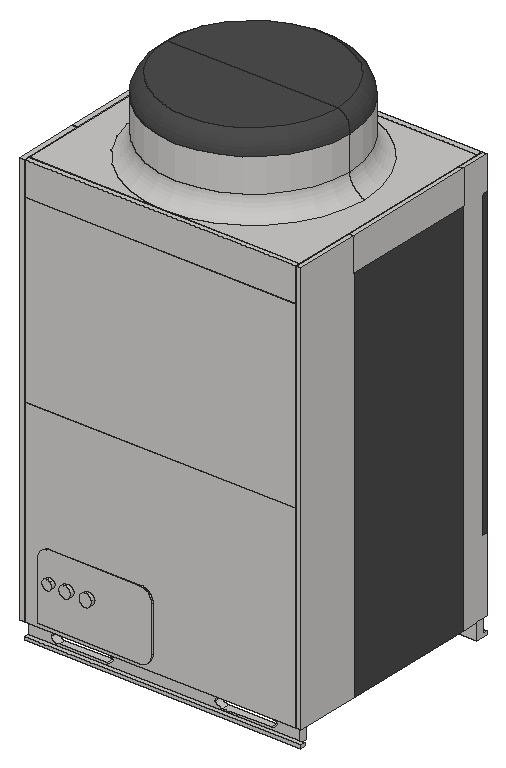
Revit family
Parameters (values of type "PURY-P72THMU-A")
  Width = 36 1/4"
  URL = ""
  Subcategory = "HVAC"
  Specification URL = "http://www.mrslim.com/customerCare/resources.asp"
  Sound Pressure Levels (dB(A)) = "58"
  SmartBIM Object Version = 3  # constant formula
  SmartBIM Object Created By = "Reed Construction Data"  # constant formula
  Refrigerant Charge = "23lbs 2oz"
  Manufacturer URL = "http://www.mrslim.com/customerCare/resources.asp"
  Installation URL = "http://www.mrslim.com/customerCare/resources.asp"
  Description = "T/YHMU Outdoor Units"
  Connecting Pipe Low pressure = "ø22.2 Brazed(7/8)"
  Refrigerant Type = "R410A"
  Refrigerant Service Valve (Liquid) Radius = 5/8"
  Refrigerant Service Valve (Gas) Radius = 193/256"
  Protection Devices Inverter = "Overheat / Overcurrent Protection"
  High pressure Protection Device = "601 psi / 4.15 MPa"
  Protection Devices Fan = "Overheat Protection / Thermal Switch"
  Protection Devices Compressor = "Overheat Protection / Thermal Switch"
  Power Supply Unit = 151/256"
  Power Source = "208/230, 3, 60"
  Heating Power Input = "6.04 KW"
  Cooling Power Input = "5.55 KW"
  Refrigerant Pipe diameter (Gas) = "3/4\""
  Refrigerant Pipe diameter (Liquid) = "5/8\""
  Heating Capacity (BTU) = "80000"
  Cooling Capacity (BTU) = "72000"
  Unit Weight (LBS) = "519"
  Model = "PURY-P72THMU-A"
  Manufacturer = "Mitsubishi Electric"
  Lubriacant = "MEL32"
  Left Air Inlet Width = 19 175/256"
  Left Air Inlet Height = 8 51/128"
  Indoor Unit Total Capacity = "50 to 150% of Outdoor Unit Capacity"
  Indoor Unit Model/Quantity = "P06 to P96 / 1 to 30"
  Height = 64 31/32"
  MCA = "24/22"
  MOCP = "30/30"
  External Material = Pre-coated Galvanized-steel Sheets
  Direct Drive Inverter Motor Output = "0.92 kW"
  Depth = 29 15/16"
  Fan Type x Quantity = "Propeller Fan x 1"
  Default Elevation = 48"
  Heating Current = "18.6 / 16.8 A"
  Cooling Current = "17.1 / 15.4 A "
  Connecting Pipe High pressure = "ø19.05 Brazed(3/4)"
  Compressor Type x Quantity = "Inverter-driven Scroll Hermetic x 1"
  Compressor Operating Range = "19% to 100%"
  Compressor Motor Output = "4.4 kW"
  Compressor Crankcase Heater = "0.051 kW"
  Back Air Inlet Width = 34 245/256"
  Assembly Code = "D3050200"
  Airflow Rate = "6,550 CFM"
  Air Outlet Radius = 15 25/128"
  Air Outlet Unit Material = Metal Grille
  Air Inlet Unit Material = Grille
  Air Inlet Radius = 10 53/64"
  Air Inlet Height = 23 159/256"
  Back Air Inlet Height = 39 95/256"
  95 CSI = "15670"  # constant formula
  04 CSI = "23 81 26"  # constant formula
Types (6): name | Width | Sound Pressure Levels (dB(A)) | Refrigerant Charge | Refrigerant Service Valve (Liquid) Radius | Refrigerant Service Valve (Gas) Radius | Power Source | Heating Power Input | Cooling Power Input | Refrigerant Pipe diameter (Gas) | Refrigerant Pipe diameter (Liquid) | Heating Capacity (BTU) | Cooling Capacity (BTU) | Unit Weight (LBS) | Model | Left Air Inlet Height | MCA | MOCP | Heating Current | Cooling Current | Compressor Operating Range | Compressor Motor Output | Compressor Crankcase Heater | Airflow Rate
  PURY-P72THMU-A | 36 1/4" | "58" | "23lbs 2oz" | 5/8" | 193/256" | "208/230, 3, 60" | "6.04 KW" | "5.55 KW" | "3/4\"" | "5/8\"" | "80000" | "72000" | "519" | "PURY-P72THMU-A" | 8 51/128" | "24/22" | "30/30" | "18.6 / 16.8 A" | "17.1 / 15.4 A " | "19% to 100%" | "4.4 kW" | "0.051 kW" | "6,550 CFM"
  PURY-P96THMU-A | 48 1/16" | "60" | "26lbs 1oz" | 193/256" | 7/8" | "208/230, 3, 60" | "10.16 KW" | "10.59 KW" | "7/8\"" | "3/4\"" | "108000" | "96000" | "585" | "PURY-P96THMU-A" | 39 95/256" | "43 /40" | "50 /50" | "31.3 / 28.3 A" | "32.6 / 29.5 A " | "17% to 100%" | "8.1 kW" | "0.057 kW" | "7,950 CFM"
  PURY-P120THMU-A | 48 1/16" | "60" | "26lbs 1oz" | 193/256" | 151/256" | "208/230, 3, 60" | "10.16 KW" | "10.59 KW" | "7/8\"" | "3/4\"" | "120000" | "120000" | "585" | "PURY-P120THMU-A" | 39 95/256" | "43/40" | "50/50" | "31.3 / 28.3 A" | "32.6 / 29.5 A " | "17% to 100%" | "8.1 kW" | "0.057 kW" | "7,950 CFM"
  PURY-P72YHMU-A | 36 1/4" | "58" | "23lbs 2oz" | 5/8" | 193/256" | "460, 3, 60" | "6.04 KW" | "5.55 KW" | "3/4\"" | "5/8\"" | "80000" | "72000" | "552" | "PURY-P72YHMU-A" | 39 95/256" | "11" | "15" | "8.4 A" | "7.7 A" | "19% to 100%" | "4.4 kW" | "0.051 kW" | "6,550 CFM"
  PURY-P96YHMU-A | 48 1/16" | "60" | "26lbs 1oz" | 193/256" | 7/8" | "460, 3, 60" | "10.16 KW" | "10.59 KW" | "7/8\"" | "3/4\"" | "108000" | "96000" | "618" | "PURY-P96YHMU-A" | 39 95/256" | "20" | "25" | "14.1A" | "14.7A " | "17% to 100%" | "8.1 kW" | "0.057 kW" | "7,950 CFM"
  PURY-P120YHMU-A | 48 1/16" | "60" | "26lbs 1oz" | 193/256" | 151/256" | "460, 3, 60" | "10.16 KW" | "10.59 KW" | "7/8\"" | "3/4\"" | "120000" | "120000" | "618" | "PURY-P120YHMU-A" | 39 95/256" | "20" | "25" | "31.3 / 28.3 A" | "32.6 / 29.5 A " | "17% to 100%" | "8.1 kW" | "0.057 kW" | "7,950 CFM"
Reference planes (in)
  plane 1 "Center (Front/Back)": y = 0
  plane 2: z = 0
  plane 3 "Center (Left/Right)": x = 0
  plane 4 "Top": z = 64.96875
  plane 5: y = 14.96875
  plane 6: y = -14.96875
  plane 7: x = -18.125
  plane 8: x = 18.125
  plane 9: z = 69.88235
  plane 10: z = 54.53568
  plane 11: z = 3.07087
  plane 12: z = 23.33858
  plane 13: z = 51.17323
Forms (in)
  Extrusion 1, solid, material "Pre-coated Galvanized-steel Sheets"
    sketch origin (-17.25075, 13.70079, 11.82243) x (0, 0, -1) y (1, 0, 0)
      loop
        arc (0.23085, 3.0719) -> (0.6921, 1.95834) -> (1.80566, 1.49709) r 1.5748
        line (1.80566, 1.49709) -> (9.22441, 1.49709) -> (9.22441, 14.70083)
        arc (9.22441, 14.70083) -> (8.76316, 15.81439) -> (7.64961, 16.27564) r 1.5748
        line (7.64961, 16.27564) -> (1.80566, 16.27564)
        arc (1.80566, 16.27564) -> (0.6921, 15.81439) -> (0.23085, 14.70083) r 1.5748
        line (0.23085, 14.70083) -> (0.23085, 3.0719)
    from 28.66142 to 28.79509
  Extrusion 2, solid, material "Pre-coated Galvanized-steel Sheets"
    sketch origin (-17.49638, -15.7161, 11.79409) x (0, 0, -1) y (1, 0, 0)
      loop
        circle (3.99865, 3.32688) r 0.625
      loop
        circle (4.04978, 5.62756) r 0.75391
      loop
        circle (4.04978, 8.28612) r 0.7874
    from -0.74735 to -0.18302
Cuts and joins
  joined: Extrusion 1, Extrusion 2
Dimensions and locks (in)
  "Height": plane 4 "Top" to level
  equal spacing: plane 6, plane 1 "Center (Front/Back)", plane 5
  "Depth": plane 6 to plane 5
  equal spacing: plane 7, plane 3 "Center (Left/Right)", plane 8
  "Width": plane 7 to plane 8
  plane 4 "Top" to plane 10 = 10.43307"
  plane 11 to level = 3.07087"
  plane 12 to plane 11 = 20.26772"
  plane 10 to level = 54.53568"
  locked: Extrusion 2 to Extrusion 1 at 0.12555
  locked: cut or joined group of Extrusion 1, Extrusion 2 to cut or joined group of Extrusion 1, Extrusion 2 at 0.43878
  radius of Extrusion 2 sketch curve = 5/8"
  radius of Extrusion 2 sketch curve = 193/256"
  radius of Extrusion 2 sketch curve = 0.7874"
  aligned and locked: cut or joined group of Extrusion 1, Extrusion 2 to plane 6
Automatic sketch dimensions
  plane 11 to Extrusion 1 sketch curve = 8.52071"
  Extrusion 1 sketch curve to Extrusion 1 sketch curve = 1.5748"  (x2)
  plane 11 to Extrusion 1 sketch curve = 1.10195"
  Extrusion 1 sketch curve to plane 11 = 0.47285"
  Extrusion 1 sketch curve to plane 7 = 2.37134"
  Extrusion 1 sketch curve to plane 3 "Center (Left/Right)" = 2.54992"
  plane 11 to Extrusion 2 sketch curve = 4.72457"
  plane 11 to Extrusion 2 sketch curve = 4.67345"
  Extrusion 2 sketch curve to Extrusion 2 sketch curve = 0.05113"
  Extrusion 2 sketch curve to plane 7 = 3.9555"
  Extrusion 2 sketch curve to Extrusion 2 sketch curve = 2.30068"
  Extrusion 2 sketch curve to Extrusion 2 sketch curve = 2.65856"
Nested families (in)
  nested 1: "Out-Door-Unit" at (-0.08165, 1.23225, 0), type "Out-Door-Unit-R2-Series_Mistdubishi_Electric"
Connectors (in)
  piping at (-11.86882, -15.53308, 7.74431)
    settings: on cut or joined group of Extrusion 1, Extrusion 2, index 8
  electrical at (-9.21026, -15.53308, 7.74431)
    settings: on cut or joined group of Extrusion 1, Extrusion 2, index 9
  piping at (-14.1695, -15.53308, 7.79544)
    settings: on cut or joined group of Extrusion 1, Extrusion 2, index 10
Definition of nested family "Out-Door-Unit"
  Parameters (values of type "Out-Door-Unit-R2-Series_Mistdubishi_Electric")
    Width = 36 7/32"
    Refig Service Valve (Liquid) Radius = 5/8"
    Refig Service Valve (Gas) Radius = 193/256"
    Power Supply Unit = 151/256"
    Left Inlet Heght = 49 3/64"
    External Material = Pre-coated Galvanized-steel Sheets
    Depth = 29.92126"
    Assembly Code = ""
    Air Outlet Unit Radius = 15 25/128"
    Air Outlet Unit Material = Metal Grille
    Air Inlet Radius = 11 3/128"
    Air Inlet Unit Material = Grille
    Air Inlet Height = 23 159/256"
    Air Inlet Bck Unit Height = 39 95/256"
  Reference planes (in)
    plane 1 "Center (Front/Back)": y = -1.23225
    plane 2: z = 0
    plane 3 "Center (Left/Right)": x = 0.08165
    plane 4: x = -18.02773
    plane 5: x = 18.19102
    plane 6: y = 13.09846
    plane 7: y = -15.56296
    plane 8: z = 27.75591
    plane 9: z = 55.51181
    plane 10: z = 2.12598
    plane 11: y = -7.68894
    plane 12: y = -15.16926
    plane 13: y = 9.94885
    plane 14: z = 51.17286
    plane 15: z = 27.55177
    plane 16: y = -16.19288
    plane 17: y = 13.72838
    plane 18: z = 39.36231
    plane 19: y = 12.70476
    plane 20: z = 62.40157
    plane 21: z = 11.80177
    plane 22: x = -17.39781
    plane 23: x = 11.10508
    plane 24: z = 64.96063
    plane 25: y = 12.1142
    plane 26: y = -14.57871
    plane 27: x = 17.5611
  Forms (in)
    Extrusion 1, solid, material "Pre-coated Galvanized-steel Sheets" <- "External Material"
      sketch origin (0, 0, 0) x (1, 0, 0) y (0, 1, 0)
        loop
          line (-17.39781, 13.09846) -> (-17.39781, -15.56296) -> (17.5611, -15.56296) -> (17.5611, 13.09846) -> (-17.39781, 13.09846)
      from 2.12598 to 55.51181
    Revolve 2, solid, material "Pre-coated Galvanized-steel Sheets" <- "External Material"
      sketch origin (0, -1.23225, 0) x (1, 0, 0) y (0, 0, 1)
        loop
          line (0.08165, 55.51181) -> (14.43432, 55.51181)
          arc (14.43432, 55.51181) -> (13.05103, 56.47273) -> (12.51926, 58.07087) r 2.66734
          line (12.51926, 58.07087) -> (12.51926, 62.40157) -> (0.08165, 62.40157) -> (0.08165, 55.51181)
        axis (0.08165, 55.51181) -> (0.08165, 62.40157)
      angle from 0 to 360
    Revolve 3, solid, material "Metal Grille" <- "Air Outlet Unit Material"
      sketch origin (0, -1.23225, 0) x (1, 0, 0) y (0, 0, 1)
        loop
          line (0.08165, 62.40157) -> (12.52193, 62.40157)
          arc (12.52193, 62.40157) -> (12.2109, 63.90112) -> (11.10508, 64.96063) r 2.58167
          line (11.10508, 64.96063) -> (0.08165, 64.96063) -> (0.08165, 62.40157)
        axis (0.08165, 62.40157) -> (0.08165, 64.96063)
      angle from 0 to 360
    Extrusion 4, solid, material "Pre-coated Galvanized-steel Sheets" <- "External Material"
      sketch origin (0, -1.23225, 0) x (1, 0, 0) y (0, 0, 1)
        loop
          line (-17.39781, 0) -> (17.5611, 0) -> (17.5611, 2.12598) -> (-17.39781, 2.12598) -> (-17.39781, 0)
      from 14.33071 to 13.34646
    Extrusion 5, void
      sketch origin (0, -1.23225, 0) x (1, 0, 0) y (0, 0, 1)
        loop
          arc (7.54228, 1.80205) -> (6.99693, 1.63716) -> (6.63431, 1.19773) r 0.98425
          arc (6.63431, 1.19773) -> (6.99693, 0.7583) -> (7.54228, 0.59341) r 0.98425
          line (7.54228, 0.59341) -> (13.72252, 0.59341)
          arc (13.72252, 0.59341) -> (14.26786, 0.7583) -> (14.63048, 1.19773) r 0.98425
          arc (14.63048, 1.19773) -> (14.26786, 1.63716) -> (13.72252, 1.80205) r 0.98425
          line (13.72252, 1.80205) -> (7.54228, 1.80205)
      from 13.34646 to 14.33071
    Extrusion 6, void
      sketch origin (0.16329, -1.23225, 0) x (-1, 0, 0) y (0, 0, -1)
        loop
          line (7.54228, -1.80205) -> (13.72252, -1.80205)
          arc (13.72252, -1.80205) -> (14.26786, -1.63716) -> (14.63048, -1.19773) r 0.98425
          arc (14.63048, -1.19773) -> (14.26786, -0.7583) -> (13.72252, -0.59341) r 0.98425
          line (13.72252, -0.59341) -> (7.54228, -0.59341)
          arc (7.54228, -0.59341) -> (6.99693, -0.7583) -> (6.63431, -1.19773) r 0.98425
          arc (6.63431, -1.19773) -> (6.99693, -1.63716) -> (7.54228, -1.80205) r 0.98425
      from 13.34646 to 14.33071
    Extrusion 7, solid, material "Pre-coated Galvanized-steel Sheets" <- "External Material"
      sketch origin (0, -0.01178, 0) x (1, 0, 0) y (0, 0, -1)
        loop
          line (-17.39781, 0) -> (-17.39781, -2.12598) -> (18.19102, -2.12598) -> (18.19102, 0) -> (-17.39781, 0)
      from 13.11024 to 12.12598
    Extrusion 8, void
      sketch origin (0.16329, -0.01178, 0) x (-1, 0, 0) y (0, 0, 1)
        loop
          arc (7.54228, 1.80205) -> (6.99693, 1.63716) -> (6.63431, 1.19773) r 0.98425
          arc (6.63431, 1.19773) -> (6.99693, 0.7583) -> (7.54228, 0.59341) r 0.98425
          line (7.54228, 0.59341) -> (13.72252, 0.59341)
          arc (13.72252, 0.59341) -> (14.26786, 0.7583) -> (14.63048, 1.19773) r 0.98425
          arc (14.63048, 1.19773) -> (14.26786, 1.63716) -> (13.72252, 1.80205) r 0.98425
          line (13.72252, 1.80205) -> (7.54228, 1.80205)
      from 12.12598 to 13.11024
    Extrusion 9, void
      sketch origin (0, -0.01178, 0) x (1, 0, 0) y (0, 0, -1)
        loop
          line (7.54228, -1.80205) -> (13.72252, -1.80205)
          arc (13.72252, -1.80205) -> (14.26786, -1.63716) -> (14.63048, -1.19773) r 0.98425
          arc (14.63048, -1.19773) -> (14.26786, -0.7583) -> (13.72252, -0.59341) r 0.98425
          line (13.72252, -0.59341) -> (7.54228, -0.59341)
          arc (7.54228, -0.59341) -> (6.99693, -0.7583) -> (6.63431, -1.19773) r 0.98425
          arc (6.63431, -1.19773) -> (6.99693, -1.63716) -> (7.54228, -1.80205) r 0.98425
      from 12.12598 to 13.11024
    Extrusion 10, solid, material "Pre-coated Galvanized-steel Sheets" <- "External Material"
      sketch origin (0, 0, 0) x (1, 0, 0) y (0, 1, 0)
        loop
          line (-17.39781, -16.19288) -> (17.5611, -16.19288) -> (17.5611, -15.56296) -> (-17.39781, -15.56296) -> (-17.39781, -16.19288)
      from 51.17323 to 55.51181
    Extrusion 11, solid, material "Pre-coated Galvanized-steel Sheets" <- "External Material"
      sketch origin (0, 0, 0) x (1, 0, 0) y (0, 1, 0)
        loop
          line (-17.39781, -15.56296) -> (-17.39781, -16.19288) -> (17.5611, -16.19288) -> (17.5611, -15.56296) -> (-17.39781, -15.56296)
      from 27.55118 to 51.17323
    Extrusion 12, solid, material "Pre-coated Galvanized-steel Sheets" <- "External Material"
      sketch origin (0, 0, 0) x (1, 0, 0) y (0, 1, 0)
        loop
          line (-17.39781, -15.56296) -> (-17.39781, -16.19288) -> (17.5611, -16.19288) -> (17.5611, -15.56296) -> (-17.39781, -15.56296)
      from 2.12598 to 27.55118
    Extrusion 13, solid, material "Pre-coated Galvanized-steel Sheets" <- "External Material"
      sketch origin (0, 0, 0) x (1, 0, 0) y (0, 1, 0)
        loop
          line (-17.39781, 13.72838) -> (-17.39781, 13.09846) -> (17.5611, 13.09846) -> (17.5611, 13.72838) -> (-17.39781, 13.72838)
      from 2.12598 to 11.80177
    Extrusion 14, solid, material "Pre-coated Galvanized-steel Sheets" <- "External Material"
      sketch origin (0, 0, 0) x (1, 0, 0) y (0, 1, 0)
        loop
          line (-17.39781, 13.09846) -> (17.5611, 13.09846) -> (17.5611, 13.72838) -> (-17.39781, 13.72838) -> (-17.39781, 13.09846)
      from 51.17286 to 55.51181
    Extrusion 15, solid, material "Grille" <- "Air Inlet Unit Material"
      sketch origin (0, 0, 0) x (1, 0, 0) y (0, 1, 0)
        loop
          line (-18.02773, 13.72838) -> (-18.02773, 13.09846) -> (18.19102, 13.09846) -> (18.19102, 13.72838) -> (-18.02773, 13.72838)
      from 11.80177 to 51.17286
    Extrusion 16, solid, material "Pre-coated Galvanized-steel Sheets" <- "External Material"
      sketch origin (0.08165, 0, 0) x (0, 1, 0) y (0, 0, 1)
        loop
          line (13.72838, 0) -> (13.72838, 0.3937) -> (13.09846, 0.3937) -> (13.09846, 0) -> (13.72838, 0)
        loop
          line (-16.19288, 0) -> (-15.56296, 0) -> (-15.56296, 0.3937) -> (-16.19288, 0.3937) -> (-16.19288, 0)
      from -17.47945 to 18.10937
    Extrusion 17, solid, material "Grille" <- "Air Inlet Unit Material"
      sketch origin (-17.39781, 13.09846, 0) x (0, -1, 0) y (0, 0, 1)
        loop
          line (3.14961, 51.17286) -> (3.14961, 2.12598) -> (20.7874, 2.12598) -> (20.7874, 51.17286) -> (3.14961, 51.17286)
      from 0 to 0.62992
    Extrusion 18, solid, material "Pre-coated Galvanized-steel Sheets" <- "External Material"
      sketch origin (-17.39781, 13.09846, 0) x (0, -1, 0) y (0, 0, 1)
        loop
          line (3.14961, 55.51181) -> (3.14961, 51.17323) -> (20.7874, 51.17323) -> (20.7874, 55.51181) -> (3.14961, 55.51181)
      from 0 to 0.62992
    Extrusion 19, solid, material "Pre-coated Galvanized-steel Sheets" <- "External Material"
      sketch origin (-17.39781, 13.09846, 0) x (0, -1, 0) y (0, 0, 1)
        loop
          line (-0.62992, 55.51181) -> (-0.62992, 51.17286) -> (0, 51.17286) -> (0, 11.80177) -> (-0.62992, 11.80177) -> (-0.62992, 2.12598) -> (3.14961, 2.12598) -> (3.14961, 55.51181) -> (-0.62992, 55.51181)
        loop
          line (20.7874, 55.51181) -> (20.7874, 2.12598) -> (29.29134, 2.12598) -> (29.29134, 55.51181) -> (20.7874, 55.51181)
      from 0 to 0.62992
    Extrusion 20, solid, material "Grille" <- "Air Inlet Unit Material"
      sketch origin (17.56196, 13.68901, 0) x (0, -1, 0) y (0, 0, -1)
        loop
          line (3.74016, -51.17286) -> (21.37795, -51.17286) -> (21.37795, -2.12598) -> (3.74016, -2.12598) -> (3.74016, -51.17286)
      from -0.00086 to 0.62906
    Extrusion 21, solid, material "Pre-coated Galvanized-steel Sheets" <- "External Material"
      sketch origin (17.56196, 13.68901, 0) x (0, -1, 0) y (0, 0, -1)
        loop
          line (3.74016, -55.51181) -> (21.37795, -55.51181) -> (21.37795, -51.17286) -> (3.74016, -51.17286) -> (3.74016, -55.51181)
      from -0.00086 to 0.62906
    Extrusion 22, solid, material "Pre-coated Galvanized-steel Sheets" <- "External Material"
      sketch origin (17.56196, 13.68901, 0) x (0, -1, 0) y (0, 0, -1)
        loop
          line (-0.03937, -55.51181) -> (3.74016, -55.51181) -> (3.74016, -2.12598) -> (-0.03937, -2.12598) -> (-0.03937, -11.80177) -> (0.59055, -11.80177) -> (0.59055, -51.17286) -> (-0.03937, -51.17286) -> (-0.03937, -55.51181)
        loop
          line (21.37795, -55.51181) -> (29.88189, -55.51181) -> (29.88189, -2.12598) -> (21.37795, -2.12598) -> (21.37795, -55.51181)
      from -0.00086 to 0.62906
  Cuts and joins
    Extrusion 5, Extrusion 6, Extrusion 8 cuts Extrusion 4
    Extrusion 8, Extrusion 9 cuts Extrusion 7
    joined: Extrusion 4, Extrusion 7, Extrusion 16
    joined: Extrusion 10, Extrusion 14
  Dimensions and locks (in)
    equal spacing: plane 4, plane 3 "Center (Left/Right)", plane 5
    "Width": plane 4 to plane 5
    equal spacing: plane 17, plane 1 "Center (Front/Back)", plane 16
    "Depth": plane 17 to plane 16
    locked: plane 11 to plane 7 at 7.87402
    Extrusion 5 sketch curve to Extrusion 5 sketch curve = 1.20865"
    locked: plane 12 to plane 7 at 0.3937
    Extrusion 6 sketch curve to Extrusion 6 sketch curve = 1.20865"
    Extrusion 8 sketch curve to Extrusion 8 sketch curve = 1.20865"
    Extrusion 9 sketch curve to Extrusion 9 sketch curve = 1.20865"
    locked: plane 6 to plane 13 at 3.14961
    locked: plane 7 to plane 16 at 0.62992
    locked: plane 17 to plane 6 at 0.62992
    equal spacing: plane 14, plane 18, plane 15
    "Air Inlet Height": plane 14 to plane 15
    locked: plane 6 to plane 19 at 0.3937
    equal spacing: plane 9, plane 8, level
    plane 9 to level = 55.51181"
    "Air Inlet Bck Unit Height": plane 21 to plane 14
    "Air Inlet Radius": Revolve 3 sketch curve to plane 3 "Center (Left/Right)"
    "Air Inlet Radius": plane 23 to plane 3 "Center (Left/Right)"
    locked: plane 24 to plane 20 at 2.55906
    plane 24 to plane 9 = 9.44882"
    plane 24 to level = 64.96063"
    locked: Revolve 2 sketch curve to plane 23 at 1.41418
    locked: Revolve 2 sketch curve to plane 23 at 3.32923
    locked: plane 4 to plane 22 at 0.62992
    locked: plane 6 to plane 25 at 0.98425
    locked: Extrusion 16 sketch curve to level at 0.3937  (x2)
    locked: plane 26 to plane 7 at 0.98425
    locked: plane 10 to level at 2.12598
    "Left Inlet Heght": plane 14 to plane 10
    locked: plane 27 to plane 5 at 0.62992
    aligned and locked: Extrusion 1 sketch curve to plane 6
    aligned and locked: Extrusion 1 sketch curve to plane 7
    aligned and locked: plane 9 to Extrusion 1
    aligned and locked: Extrusion 1 to plane 10
    aligned and locked: Extrusion 4 sketch curve to level
    aligned and locked: Extrusion 4 sketch curve to plane 10
    aligned and locked: cut or joined group of Extrusion 4, Extrusion 5, Extrusion 6, Extrusion 7, Extrusion 8, Extrusion 9, Extrusion 16 to plane 2
    aligned and locked: plane 6 to cut or joined group of Extrusion 4, Extrusion 5, Extrusion 6, Extrusion 7, Extrusion 8, Extrusion 9, Extrusion 16
    aligned and locked: plane 10 to cut or joined group of Extrusion 4, Extrusion 5, Extrusion 6, Extrusion 7, Extrusion 8, Extrusion 9, Extrusion 16
    aligned and locked: Extrusion 10 sketch curve to plane 16
    aligned and locked: Extrusion 10 sketch curve to plane 7
    aligned and locked: Extrusion 11 sketch curve to plane 16
    aligned and locked: Extrusion 11 sketch curve to plane 7
    aligned and locked: Extrusion 12 sketch curve to plane 7
    aligned and locked: Extrusion 12 sketch curve to plane 16
    aligned and locked: Extrusion 13 sketch curve to plane 17
    aligned and locked: Extrusion 13 sketch curve to plane 6
    aligned and locked: Extrusion 13 to Extrusion 1
    aligned and locked: Extrusion 14 sketch curve to plane 6
    aligned and locked: Extrusion 14 sketch curve to plane 17
    aligned and locked: plane 14 to Extrusion 15
    aligned and locked: Extrusion 15 to plane 14
    aligned and locked: Extrusion 14 to plane 14
    aligned and locked: cut or joined group of Extrusion 4, Extrusion 5, Extrusion 6, Extrusion 7, Extrusion 8, Extrusion 9, Extrusion 16 to plane 6
    aligned and locked: plane 6 to Extrusion 9
    aligned and locked: plane 9 to Revolve 2
    aligned and locked: Extrusion 15 to Extrusion 13
    aligned and locked: plane 9 to Extrusion 14
    aligned and locked: plane 21 to Extrusion 13
    aligned and locked: plane 17 to Extrusion 15
    aligned and locked: Revolve 2 sketch curve to plane 20
    aligned and locked: plane 24 to Revolve 3 sketch curve
    aligned and locked: plane 20 to Revolve 3 sketch curve
    aligned and locked: plane 3 "Center (Left/Right)" to Revolve 3 sketch curve  (x2)
    aligned and locked: Extrusion 1 sketch curve to plane 22
    aligned and locked: plane 25 to cut or joined group of Extrusion 4, Extrusion 5, Extrusion 6, Extrusion 7, Extrusion 8, Extrusion 9, Extrusion 16
    aligned and locked: plane 17 to Extrusion 16 sketch curve
    aligned and locked: level to Extrusion 16 sketch curve
    aligned and locked: plane 6 to Extrusion 16 sketch curve
    aligned and locked: plane 16 to Extrusion 16 sketch curve
    aligned and locked: Extrusion 16 sketch curve to level
    aligned and locked: plane 7 to Extrusion 16 sketch curve
    aligned and locked: plane 5 to Extrusion 16
    aligned and locked: Extrusion 6 to plane 7
    aligned and locked: Extrusion 5 to plane 7
    aligned and locked: Extrusion 7 to Extrusion 8
    aligned and locked: plane 6 to Extrusion 8
    aligned and locked: Extrusion 7 to Extrusion 9
    aligned and locked: plane 13 to Extrusion 17 sketch curve
    aligned and locked: Extrusion 17 sketch curve to plane 14
    aligned and locked: plane 11 to Extrusion 17 sketch curve
    aligned and locked: plane 10 to Extrusion 17 sketch curve
    aligned and locked: Extrusion 14 sketch curve to plane 22
    aligned and locked: plane 22 to Extrusion 4 sketch curve
    aligned and locked: plane 22 to Extrusion 7 sketch curve
    aligned and locked: Extrusion 13 sketch curve to plane 22
    aligned and locked: cut or joined group of Extrusion 4, Extrusion 5, Extrusion 6, Extrusion 7, Extrusion 8, Extrusion 9, Extrusion 16 to plane 22
    aligned and locked: Extrusion 10 sketch curve to plane 22
    aligned and locked: Extrusion 11 sketch curve to plane 22
    aligned and locked: Extrusion 12 sketch curve to plane 22
    aligned and locked: plane 22 to Extrusion 17
    aligned and locked: Extrusion 17 to plane 4
    aligned and locked: Extrusion 14 to Extrusion 18 sketch curve
    aligned and locked: plane 22 to Extrusion 18
    aligned and locked: Extrusion 18 to plane 4
    aligned and locked: Extrusion 15 to Extrusion 19 sketch curve
    aligned and locked: Extrusion 19 sketch curve to Extrusion 17  (x2)
    aligned and locked: Extrusion 19 sketch curve to plane 11
    aligned and locked: plane 16 to Extrusion 19 sketch curve
    aligned and locked: plane 10 to Extrusion 19 sketch curve
    aligned and locked: plane 22 to Extrusion 19
    aligned and locked: Extrusion 19 to plane 4
    aligned and locked: plane 13 to Extrusion 18 sketch curve
    aligned and locked: plane 11 to Extrusion 18 sketch curve
    aligned and locked: Extrusion 19 sketch curve to plane 9  (x2)
    aligned and locked: Extrusion 22 sketch curve to Extrusion 20
    aligned and locked: plane 27 to Extrusion 1 sketch curve
    aligned and locked: cut or joined group of Extrusion 10, Extrusion 14 to plane 27
    aligned and locked: Extrusion 11 to plane 27
    aligned and locked: Extrusion 12 to plane 27
    aligned and locked: cut or joined group of Extrusion 4, Extrusion 5, Extrusion 6, Extrusion 7, Extrusion 8, Extrusion 9, Extrusion 16 to plane 27
    aligned and locked: Extrusion 20 to plane 11
    aligned and locked: Extrusion 21 to plane 11
    aligned and locked: Extrusion 20 to plane 13
    aligned and locked: Extrusion 21 to plane 13
    aligned and locked: plane 13 to Extrusion 22
    aligned and locked: plane 9 to Extrusion 22
    aligned and locked: Extrusion 22 to plane 10
    aligned and locked: Extrusion 20 to plane 10
    aligned and locked: plane 9 to Extrusion 21
    aligned and locked: Extrusion 21 to plane 14
    aligned and locked: plane 27 to Extrusion 22
    aligned and locked: plane 5 to Extrusion 22
    aligned and locked: plane 27 to Extrusion 20
    aligned and locked: plane 5 to Extrusion 20
    aligned and locked: plane 27 to Extrusion 21
    aligned and locked: plane 5 to Extrusion 21
    aligned and locked: plane 27 to Extrusion 14 sketch curve
    aligned and locked: plane 27 to Extrusion 13 sketch curve
    aligned and locked: Extrusion 22 sketch curve to Extrusion 13
    aligned and locked: Extrusion 22 sketch curve to Extrusion 15
    aligned and locked: Extrusion 22 sketch curve to cut or joined group of Extrusion 10, Extrusion 14
    aligned and locked: Extrusion 19 sketch curve to Extrusion 15  (x2)
    aligned and locked: Extrusion 19 sketch curve to cut or joined group of Extrusion 10, Extrusion 14
    aligned and locked: Extrusion 15 sketch curve to plane 4
    aligned and locked: Extrusion 15 sketch curve to plane 5
  Automatic sketch dimensions
    Revolve 2 sketch curve to plane 3 "Center (Left/Right)" = 0"  (x2)
    Revolve 2 sketch curve to plane 9 = 0"
    plane 9 to Revolve 2 sketch curve = 2.55906"
    Revolve 2 sketch curve to Revolve 2 sketch curve = 2.3622"
    Revolve 2 sketch curve to Revolve 2 sketch curve = 1.5748"
    plane 20 to Revolve 3 sketch curve = 0.24906"
    Revolve 3 sketch curve to Revolve 3 sketch curve = 1.15278"
    Revolve 3 sketch curve to Revolve 3 sketch curve = 0.7874"
    Revolve 3 sketch curve to Revolve 3 sketch curve = 0.49213"
    Extrusion 5 sketch curve to plane 10 = 0.92825"
    plane 3 "Center (Left/Right)" to Extrusion 5 sketch curve = 6.55266"
    level to Extrusion 5 sketch curve = 0.59341"
    Extrusion 5 sketch curve to Extrusion 5 sketch curve = 0.90797"  (x2)
    Extrusion 5 sketch curve to Extrusion 5 sketch curve = 0"  (x2)
    Extrusion 5 sketch curve to plane 5 = 4.4685"
    Extrusion 5 sketch curve to Extrusion 5 sketch curve = 0.22439"
    plane 10 to Extrusion 6 sketch curve = 0.92825"
    plane 3 "Center (Left/Right)" to Extrusion 6 sketch curve = 6.55266"
    Extrusion 6 sketch curve to level = 0.59341"
    Extrusion 6 sketch curve to Extrusion 6 sketch curve = 0.90797"  (x2)
    Extrusion 6 sketch curve to Extrusion 6 sketch curve = 0"  (x2)
    Extrusion 6 sketch curve to plane 22 = 3.83858"
    Extrusion 6 sketch curve to Extrusion 6 sketch curve = 0.22439"
    Extrusion 7 sketch curve to plane 5 = 0"
    Extrusion 7 sketch curve to plane 10 = 0"
    Extrusion 7 sketch curve to level = 0"
    Extrusion 8 sketch curve to plane 10 = 0.92825"
    Extrusion 8 sketch curve to plane 3 "Center (Left/Right)" = 6.55266"
    level to Extrusion 8 sketch curve = 0.59341"
    Extrusion 8 sketch curve to Extrusion 8 sketch curve = 0.90797"  (x2)
    Extrusion 8 sketch curve to Extrusion 8 sketch curve = 0"  (x2)
    plane 22 to Extrusion 8 sketch curve = 3.83858"
    Extrusion 8 sketch curve to Extrusion 8 sketch curve = 0.22439"
    Extrusion 9 sketch curve to plane 10 = 0.92825"
    plane 3 "Center (Left/Right)" to Extrusion 9 sketch curve = 6.55266"
    level to Extrusion 9 sketch curve = 0.59341"
    Extrusion 9 sketch curve to Extrusion 9 sketch curve = 0.90797"  (x2)
    Extrusion 9 sketch curve to Extrusion 9 sketch curve = 0"  (x2)
    Extrusion 9 sketch curve to plane 5 = 4.4685"
    Extrusion 9 sketch curve to Extrusion 9 sketch curve = 0.22439"
    Extrusion 15 sketch curve to plane 17 = 0"
    plane 10 to Extrusion 20 sketch curve = 0"
    plane 13 to Extrusion 20 sketch curve = 0"
    plane 11 to Extrusion 20 sketch curve = 0"
    Extrusion 20 sketch curve to plane 14 = 0"
    plane 13 to Extrusion 21 sketch curve = 0"
    plane 11 to Extrusion 21 sketch curve = 0"
    plane 9 to Extrusion 21 sketch curve = 0"
    plane 14 to Extrusion 21 sketch curve = 0"
    Extrusion 10 sketch curve to plane 5 = 0.62992"
    Extrusion 11 sketch curve to plane 5 = 0.62992"
    Extrusion 12 sketch curve to plane 5 = 0.62992"
    Extrusion 4 sketch curve to plane 5 = 0.62992"
    Extrusion 15 sketch curve to plane 6 = 0"
    Extrusion 22 sketch curve to plane 9 = 0"  (x2)
    Extrusion 22 sketch curve to plane 17 = 0"  (x2)
    Extrusion 22 sketch curve to plane 13 = 0"
    Extrusion 22 sketch curve to plane 11 = 0"
    Extrusion 22 sketch curve to plane 16 = 0"
    Extrusion 22 sketch curve to plane 10 = 0"
    Extrusion 19 sketch curve to Extrusion 1 = 0.62992"
